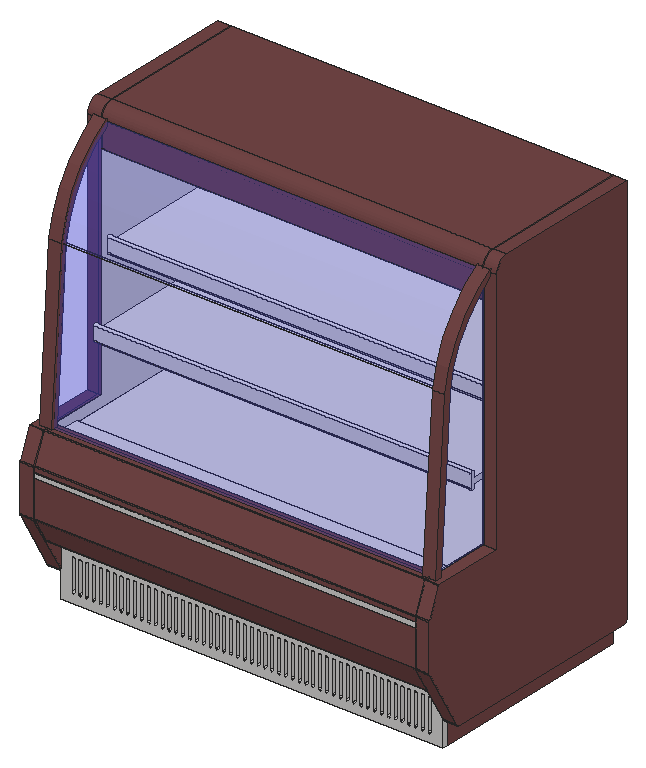
Revit family "QF_Turbo Air_TCDD-48-2-H", category Specialty Equipment, Revit 2014
Parameters
  Weight in Pounds = 467
  Watermarked By = ""
  Volts = 115 V
  Vent Material = QF_Stainless-Polished
  URL Cutsheet = ""
  URL = "www.turboairinc.com"
  Status [instance] = ""
  Specification by User [instance] = ""
  Specification by Manufacturer [instance] = ""
  Serial Number [instance] = ""
  Revision Code [instance] = ""
  Phase = 1
  Number of Poles [instance] = 1
  NAFEM Spec ID Number [instance] = ""
  Model = "TCDD-48-2-H"
  Masterspec [instance] = ""
  Manufacturer = "Turbo Air"  # constant formula
  Item Number [instance] = "-"
  Installed By [instance] = ""
  HP = "1/3"
  Furnished By [instance] = ""
  Foodservice Equipment Identifier = yes
  FL Amps = 6.1 A
  Exterior Material = QF_Plastic-Red Wine
  Electrical Remarks [instance] = ""
  Electric Connection Type [instance] = ""
  Elec Conn RI Height [instance] = 0' - 0"
  Elec Conn Connection Height = 0' - 6"
  Description = "Bakery/Deli Case"
  Cycle = 60 Hz
  Conn Plug = "NEMA 5-15P"
  CSI MasterFormat = "11 41 13"
  Assembly Code = "E1090320"
  Apparent Power = if(Phase = 3, Volts * FL Amps * 1.73, Volts * FL Amps)  # 701.5 VA
Reference planes (in)
  plane 1 "Handle Back": y = -4.25
  plane 2: z = 0
  plane 3 "LEFT": x = -16.56573
  plane 4 "RIGHT": x = 31.93427
  plane 5 "FRONT": y = -34.25
  plane 6 "Bottom": z = 0.3125
  plane 7 "Inside Left": x = -14.94073
  plane 8 "Inside Right": x = 30.30927
  plane 9 "BACK": y = -5
  plane 10 "Panel Lower": z = 19.375
  plane 11 "Inside Bottom": z = 17.25
  plane 12 "TOP": z = 50.125
  plane 13 "Door Left": x = -13.62823
  plane 14 "Door Right": x = 28.99677
  plane 15 "Lower Shelf": z = 26.8125
  plane 16 "Upper Shelf": z = 35.3125
  plane 17 "Door Top": z = 46.5625
  plane 18 "Door Bottom": z = 18.4375
  plane 19 "CENTER LR": x = 7.68427
  plane 20 "Panel Bottom": z = 3.125
  plane 21 "Bottom Front": y = -29.625
Forms (in)
  Extrusion 1, solid, material "QF_Plastic-Red Wine" <- "Exterior Material"
    sketch origin (-16.56573, 0, 0) x (0, 1, 0) y (0, 0, 1)
      loop
        line (-5, 3.5) -> (-5, 50.125) -> (-22.75, 50.125)
        arc (-22.75, 50.125) -> (-23.81066, 49.68566) -> (-24.25, 48.625) r 1.5
        line (-24.25, 48.625) -> (-24.25, 19.375) -> (-32.77179, 19.375)
        arc (-32.77179, 19.375) -> (-32.8059, 19.36487) -> (-32.82896, 19.33777) r 0.0625
        line (-32.82896, 19.33777) -> (-34.21799, 16.19501)
        arc (-34.21799, 16.19501) -> (-34.24191, 16.12089) -> (-34.25, 16.04342) r 0.375
        line (-34.25, 16.04342) -> (-34.25, 10.5867)
        arc (-34.25, 10.5867) -> (-34.23722, 10.48964) -> (-34.19976, 10.3992) r 0.375
        line (-34.19976, 10.3992) -> (-30.10825, 3.3125)
        arc (-30.10825, 3.3125) -> (-29.97099, 3.17524) -> (-29.78349, 3.125) r 0.375
        line (-29.78349, 3.125) -> (-5.375, 3.125)
        arc (-5.375, 3.125) -> (-5.10983, 3.23483) -> (-5, 3.5) r 0.375
    from 0 to 1.625
  Extrusion 2, solid, material "QF_Plastic-Red Wine" <- "Exterior Material"
    sketch origin (31.93427, 0, 0) x (0, 1, 0) y (0, 0, 1)
      loop
        line (-5, 3.5) -> (-5, 50.125) -> (-22.75, 50.125)
        arc (-22.75, 50.125) -> (-23.81066, 49.68566) -> (-24.25, 48.625) r 1.5
        line (-24.25, 48.625) -> (-24.25, 19.375) -> (-32.77179, 19.375)
        arc (-32.77179, 19.375) -> (-32.8059, 19.36487) -> (-32.82896, 19.33777) r 0.0625
        line (-32.82896, 19.33777) -> (-34.21799, 16.19501)
        arc (-34.21799, 16.19501) -> (-34.24191, 16.12089) -> (-34.25, 16.04342) r 0.375
        line (-34.25, 16.04342) -> (-34.25, 10.5867)
        arc (-34.25, 10.5867) -> (-34.23722, 10.48964) -> (-34.19976, 10.3992) r 0.375
        line (-34.19976, 10.3992) -> (-30.10825, 3.3125)
        arc (-30.10825, 3.3125) -> (-29.97099, 3.17524) -> (-29.78349, 3.125) r 0.375
        line (-29.78349, 3.125) -> (-5.375, 3.125)
        arc (-5.375, 3.125) -> (-5.10983, 3.23483) -> (-5, 3.5) r 0.375
    from 0 to -1.625
  Extrusion 3, solid, material "QF_Plastic-Red Wine" <- "Exterior Material"
    sketch origin (-14.94073, 0, 0) x (0, 1, 0) y (0, 0, 1)
      loop
        line (-31.625, 19.375) -> (-30.23314, 38.44929)
        arc (-30.23314, 38.44929) -> (-28.27705, 43.90036) -> (-24.25, 48.0625) r 13.75
        line (-24.25, 48.0625) -> (-24.25, 48.625)
        arc (-24.25, 48.625) -> (-24.24379, 48.76132) -> (-24.22522, 48.89651) r 1.5
        arc (-24.22522, 48.89651) -> (-28.73663, 44.45952) -> (-30.91735, 38.51948) r 14.4375
        line (-30.91735, 38.51948) -> (-32.31433, 19.375) -> (-31.625, 19.375)
    from -0.875 to 0.625
  Extrusion 4, solid, material "QF_Plastic-Red Wine" <- "Exterior Material"
    sketch origin (30.30927, 0, 0) x (0, 1, 0) y (0, 0, 1)
      loop
        arc (-30.23314, 38.44929) -> (-28.27705, 43.90036) -> (-24.25, 48.0625) r 13.75
        line (-24.25, 48.0625) -> (-24.25, 48.625)
        arc (-24.25, 48.625) -> (-24.24379, 48.76132) -> (-24.22522, 48.89651) r 1.5
        arc (-24.22522, 48.89651) -> (-28.73663, 44.45952) -> (-30.91735, 38.51948) r 14.4375
        line (-30.91735, 38.51948) -> (-32.31433, 19.375) -> (-31.625, 19.375) -> (-30.23314, 38.44929)
    from 0.875 to -0.625
  Extrusion 5, solid, material "QF_Glass-Cast-Clear"
    sketch origin (-14.94073, 0, 0) x (0, 1, 0) y (0, 0, 1)
      loop
        arc (-24.25, 48.0625) -> (-28.27705, 43.90036) -> (-30.23314, 38.44929) r 13.75
        line (-30.23314, 38.44929) -> (-31.625, 19.375) -> (-24.25, 19.375) -> (-24.25, 48.0625)
    from 0 to -0.25
  Extrusion 6, solid, material "QF_Glass-Cast-Clear"
    sketch origin (30.30927, 0, 0) x (0, 1, 0) y (0, 0, 1)
      loop
        arc (-24.25, 48.0625) -> (-28.27705, 43.90036) -> (-30.23314, 38.44929) r 13.75
        line (-30.23314, 38.44929) -> (-31.625, 19.375) -> (-24.25, 19.375) -> (-24.25, 48.0625)
    from 0 to 0.25
  Extrusion 7, solid, material "QF_Plastic-Red Wine" <- "Exterior Material"
    sketch origin (-14.94073, 0, 0) x (0, 1, 0) y (0, 0, 1)
      loop
        line (-5, 50.125) -> (-22.75, 50.125)
        arc (-22.75, 50.125) -> (-23.81066, 49.68566) -> (-24.25, 48.625) r 1.5
        line (-24.25, 48.625) -> (-24.25, 45.5)
        arc (-24.25, 45.5) -> (-24.1875, 45.4375) -> (-24.125, 45.5) r 0.0625
        line (-24.125, 45.5) -> (-24.125, 48.625)
        arc (-24.125, 48.625) -> (-24.06819, 49.01616) -> (-23.90244, 49.375) r 1.375
        line (-23.90244, 49.375) -> (-7.375, 49.375) -> (-7.375, 46.5625) -> (-5, 46.5625) -> (-5, 50.125)
      loop
        line (-5, 10.4375) -> (-5, 18.4375) -> (-7.375, 18.4375) -> (-7.375, 10.4375) -> (-5, 10.4375)
    from 0 to 45.25
  Extrusion 8, solid, material "QF_Plastic-Red Wine" <- "Exterior Material"
    sketch origin (0, 0, 0.3125) x (0, 1, 0) y (-1, 0, 0)
      loop
        line (-5, 14.94073) -> (-29.625, 14.94073) -> (-29.625, -30.30927) -> (-5, -30.30927) -> (-5, 14.94073)
      loop
        line (-29.375, 14.69073) -> (-29.375, -30.05927) -> (-5.25, -30.05927) -> (-5.25, 14.69073) -> (-29.375, 14.69073)
    from 0 to 14
  Extrusion 9, solid, material "QF_Plastic-Red Wine" <- "Exterior Material"
    sketch origin (0, 0, 0.3125) x (0, 1, 0) y (-1, 0, 0)
      loop
        line (-29.375, -30.05927) -> (-5.25, -30.05927) -> (-5.25, 14.69073) -> (-29.375, 14.69073) -> (-29.375, -30.05927)
    from 0 to 0.25
  Extrusion 10, solid, material "QF_Stainless-Polished" <- "Vent Material"
    sketch origin (0, -29.625, 0) x (1, 0, 0) y (0, 0, 1)
      loop
        line (-14.94073, 8.5625) -> (-14.94073, 0.3125) -> (30.30927, 0.3125) -> (30.30927, 8.5625) -> (-14.94073, 8.5625)
    from 0 to 0.5625
  Extrusion 11, void
    sketch origin (0, -29.625, 0) x (1, 0, 0) y (0, 0, 1)
      loop
        arc (7.49677, 1.5625) -> (7.68427, 1.375) -> (7.87177, 1.5625) r 0.1875
        line (7.87177, 1.5625) -> (7.87177, 5.125)
        arc (7.87177, 5.125) -> (7.68427, 5.3125) -> (7.49677, 5.125) r 0.1875
        line (7.49677, 5.125) -> (7.49677, 1.5625)
      loop
        arc (8.30927, 1.5625) -> (8.49677, 1.375) -> (8.68427, 1.5625) r 0.1875
        line (8.68427, 1.5625) -> (8.68427, 5.125)
        arc (8.68427, 5.125) -> (8.49677, 5.3125) -> (8.30927, 5.125) r 0.1875
        line (8.30927, 5.125) -> (8.30927, 1.5625)
      loop
        arc (9.12177, 1.5625) -> (9.30927, 1.375) -> (9.49677, 1.5625) r 0.1875
        line (9.49677, 1.5625) -> (9.49677, 5.125)
        arc (9.49677, 5.125) -> (9.30927, 5.3125) -> (9.12177, 5.125) r 0.1875
        line (9.12177, 5.125) -> (9.12177, 1.5625)
      loop
        arc (9.93427, 1.5625) -> (10.12177, 1.375) -> (10.30927, 1.5625) r 0.1875
        line (10.30927, 1.5625) -> (10.30927, 5.125)
        arc (10.30927, 5.125) -> (10.12177, 5.3125) -> (9.93427, 5.125) r 0.1875
        line (9.93427, 5.125) -> (9.93427, 1.5625)
      loop
        arc (10.74677, 1.5625) -> (10.93427, 1.375) -> (11.12177, 1.5625) r 0.1875
        line (11.12177, 1.5625) -> (11.12177, 5.125)
        arc (11.12177, 5.125) -> (10.93427, 5.3125) -> (10.74677, 5.125) r 0.1875
        line (10.74677, 5.125) -> (10.74677, 1.5625)
      loop
        arc (11.55927, 1.5625) -> (11.74677, 1.375) -> (11.93427, 1.5625) r 0.1875
        line (11.93427, 1.5625) -> (11.93427, 5.125)
        arc (11.93427, 5.125) -> (11.74677, 5.3125) -> (11.55927, 5.125) r 0.1875
        line (11.55927, 5.125) -> (11.55927, 1.5625)
      loop
        arc (12.37177, 1.5625) -> (12.55927, 1.375) -> (12.74677, 1.5625) r 0.1875
        line (12.74677, 1.5625) -> (12.74677, 5.125)
        arc (12.74677, 5.125) -> (12.55927, 5.3125) -> (12.37177, 5.125) r 0.1875
        line (12.37177, 5.125) -> (12.37177, 1.5625)
      loop
        arc (13.18427, 1.5625) -> (13.37177, 1.375) -> (13.55927, 1.5625) r 0.1875
        line (13.55927, 1.5625) -> (13.55927, 5.125)
        arc (13.55927, 5.125) -> (13.37177, 5.3125) -> (13.18427, 5.125) r 0.1875
        line (13.18427, 5.125) -> (13.18427, 1.5625)
      loop
        arc (13.99677, 1.5625) -> (14.18427, 1.375) -> (14.37177, 1.5625) r 0.1875
        line (14.37177, 1.5625) -> (14.37177, 5.125)
        arc (14.37177, 5.125) -> (14.18427, 5.3125) -> (13.99677, 5.125) r 0.1875
        line (13.99677, 5.125) -> (13.99677, 1.5625)
      loop
        arc (14.80927, 1.5625) -> (14.99677, 1.375) -> (15.18427, 1.5625) r 0.1875
        line (15.18427, 1.5625) -> (15.18427, 5.125)
        arc (15.18427, 5.125) -> (14.99677, 5.3125) -> (14.80927, 5.125) r 0.1875
        line (14.80927, 5.125) -> (14.80927, 1.5625)
      loop
        arc (15.62177, 1.5625) -> (15.80927, 1.375) -> (15.99677, 1.5625) r 0.1875
        line (15.99677, 1.5625) -> (15.99677, 5.125)
        arc (15.99677, 5.125) -> (15.80927, 5.3125) -> (15.62177, 5.125) r 0.1875
        line (15.62177, 5.125) -> (15.62177, 1.5625)
      loop
        arc (16.43427, 1.5625) -> (16.62177, 1.375) -> (16.80927, 1.5625) r 0.1875
        line (16.80927, 1.5625) -> (16.80927, 5.125)
        arc (16.80927, 5.125) -> (16.62177, 5.3125) -> (16.43427, 5.125) r 0.1875
        line (16.43427, 5.125) -> (16.43427, 1.5625)
      loop
        arc (17.24677, 1.5625) -> (17.43427, 1.375) -> (17.62177, 1.5625) r 0.1875
        line (17.62177, 1.5625) -> (17.62177, 5.125)
        arc (17.62177, 5.125) -> (17.43427, 5.3125) -> (17.24677, 5.125) r 0.1875
        line (17.24677, 5.125) -> (17.24677, 1.5625)
      loop
        arc (18.05927, 1.5625) -> (18.24677, 1.375) -> (18.43427, 1.5625) r 0.1875
        line (18.43427, 1.5625) -> (18.43427, 5.125)
        arc (18.43427, 5.125) -> (18.24677, 5.3125) -> (18.05927, 5.125) r 0.1875
        line (18.05927, 5.125) -> (18.05927, 1.5625)
      loop
        arc (18.87177, 1.5625) -> (19.05927, 1.375) -> (19.24677, 1.5625) r 0.1875
        line (19.24677, 1.5625) -> (19.24677, 5.125)
        arc (19.24677, 5.125) -> (19.05927, 5.3125) -> (18.87177, 5.125) r 0.1875
        line (18.87177, 5.125) -> (18.87177, 1.5625)
      loop
        arc (19.68427, 1.5625) -> (19.87177, 1.375) -> (20.05927, 1.5625) r 0.1875
        line (20.05927, 1.5625) -> (20.05927, 5.125)
        arc (20.05927, 5.125) -> (19.87177, 5.3125) -> (19.68427, 5.125) r 0.1875
        line (19.68427, 5.125) -> (19.68427, 1.5625)
      loop
        arc (20.49677, 1.5625) -> (20.68427, 1.375) -> (20.87177, 1.5625) r 0.1875
        line (20.87177, 1.5625) -> (20.87177, 5.125)
        arc (20.87177, 5.125) -> (20.68427, 5.3125) -> (20.49677, 5.125) r 0.1875
        line (20.49677, 5.125) -> (20.49677, 1.5625)
      loop
        arc (21.30927, 1.5625) -> (21.49677, 1.375) -> (21.68427, 1.5625) r 0.1875
        line (21.68427, 1.5625) -> (21.68427, 5.125)
        arc (21.68427, 5.125) -> (21.49677, 5.3125) -> (21.30927, 5.125) r 0.1875
        line (21.30927, 5.125) -> (21.30927, 1.5625)
      loop
        arc (22.12177, 1.5625) -> (22.30927, 1.375) -> (22.49677, 1.5625) r 0.1875
        line (22.49677, 1.5625) -> (22.49677, 5.125)
        arc (22.49677, 5.125) -> (22.30927, 5.3125) -> (22.12177, 5.125) r 0.1875
        line (22.12177, 5.125) -> (22.12177, 1.5625)
      loop
        arc (22.93427, 1.5625) -> (23.12177, 1.375) -> (23.30927, 1.5625) r 0.1875
        line (23.30927, 1.5625) -> (23.30927, 5.125)
        arc (23.30927, 5.125) -> (23.12177, 5.3125) -> (22.93427, 5.125) r 0.1875
        line (22.93427, 5.125) -> (22.93427, 1.5625)
      loop
        arc (23.74677, 1.5625) -> (23.93427, 1.375) -> (24.12177, 1.5625) r 0.1875
        line (24.12177, 1.5625) -> (24.12177, 5.125)
        arc (24.12177, 5.125) -> (23.93427, 5.3125) -> (23.74677, 5.125) r 0.1875
        line (23.74677, 5.125) -> (23.74677, 1.5625)
      loop
        arc (24.55927, 1.5625) -> (24.74677, 1.375) -> (24.93427, 1.5625) r 0.1875
        line (24.93427, 1.5625) -> (24.93427, 5.125)
        arc (24.93427, 5.125) -> (24.74677, 5.3125) -> (24.55927, 5.125) r 0.1875
        line (24.55927, 5.125) -> (24.55927, 1.5625)
      loop
        arc (25.37177, 1.5625) -> (25.55927, 1.375) -> (25.74677, 1.5625) r 0.1875
        line (25.74677, 1.5625) -> (25.74677, 5.125)
        arc (25.74677, 5.125) -> (25.55927, 5.3125) -> (25.37177, 5.125) r 0.1875
        line (25.37177, 5.125) -> (25.37177, 1.5625)
      loop
        arc (26.18427, 1.5625) -> (26.37177, 1.375) -> (26.55927, 1.5625) r 0.1875
        line (26.55927, 1.5625) -> (26.55927, 5.125)
        arc (26.55927, 5.125) -> (26.37177, 5.3125) -> (26.18427, 5.125) r 0.1875
        line (26.18427, 5.125) -> (26.18427, 1.5625)
      loop
        arc (26.99677, 1.5625) -> (27.18427, 1.375) -> (27.37177, 1.5625) r 0.1875
        line (27.37177, 1.5625) -> (27.37177, 5.125)
        arc (27.37177, 5.125) -> (27.18427, 5.3125) -> (26.99677, 5.125) r 0.1875
        line (26.99677, 5.125) -> (26.99677, 1.5625)
      loop
        arc (27.80927, 1.5625) -> (27.99677, 1.375) -> (28.18427, 1.5625) r 0.1875
        line (28.18427, 1.5625) -> (28.18427, 5.125)
        arc (28.18427, 5.125) -> (27.99677, 5.3125) -> (27.80927, 5.125) r 0.1875
        line (27.80927, 5.125) -> (27.80927, 1.5625)
      loop
        arc (28.62177, 1.5625) -> (28.80927, 1.375) -> (28.99677, 1.5625) r 0.1875
        line (28.99677, 1.5625) -> (28.99677, 5.125)
        arc (28.99677, 5.125) -> (28.80927, 5.3125) -> (28.62177, 5.125) r 0.1875
        line (28.62177, 5.125) -> (28.62177, 1.5625)
      loop
        line (7.05927, 1.5625) -> (7.05927, 5.125)
        arc (7.05927, 5.125) -> (6.87177, 5.3125) -> (6.68427, 5.125) r 0.1875
        line (6.68427, 5.125) -> (6.68427, 1.5625)
        arc (6.68427, 1.5625) -> (6.87177, 1.375) -> (7.05927, 1.5625) r 0.1875
      loop
        line (6.24677, 1.5625) -> (6.24677, 5.125)
        arc (6.24677, 5.125) -> (6.05927, 5.3125) -> (5.87177, 5.125) r 0.1875
        line (5.87177, 5.125) -> (5.87177, 1.5625)
        arc (5.87177, 1.5625) -> (6.05927, 1.375) -> (6.24677, 1.5625) r 0.1875
      loop
        line (5.43427, 1.5625) -> (5.43427, 5.125)
        arc (5.43427, 5.125) -> (5.24677, 5.3125) -> (5.05927, 5.125) r 0.1875
        line (5.05927, 5.125) -> (5.05927, 1.5625)
        arc (5.05927, 1.5625) -> (5.24677, 1.375) -> (5.43427, 1.5625) r 0.1875
      loop
        line (4.62177, 1.5625) -> (4.62177, 5.125)
        arc (4.62177, 5.125) -> (4.43427, 5.3125) -> (4.24677, 5.125) r 0.1875
        line (4.24677, 5.125) -> (4.24677, 1.5625)
        arc (4.24677, 1.5625) -> (4.43427, 1.375) -> (4.62177, 1.5625) r 0.1875
      loop
        line (3.80927, 1.5625) -> (3.80927, 5.125)
        arc (3.80927, 5.125) -> (3.62177, 5.3125) -> (3.43427, 5.125) r 0.1875
        line (3.43427, 5.125) -> (3.43427, 1.5625)
        arc (3.43427, 1.5625) -> (3.62177, 1.375) -> (3.80927, 1.5625) r 0.1875
      loop
        line (2.99677, 1.5625) -> (2.99677, 5.125)
        arc (2.99677, 5.125) -> (2.80927, 5.3125) -> (2.62177, 5.125) r 0.1875
        line (2.62177, 5.125) -> (2.62177, 1.5625)
        arc (2.62177, 1.5625) -> (2.80927, 1.375) -> (2.99677, 1.5625) r 0.1875
      loop
        line (2.18427, 1.5625) -> (2.18427, 5.125)
        arc (2.18427, 5.125) -> (1.99677, 5.3125) -> (1.80927, 5.125) r 0.1875
        line (1.80927, 5.125) -> (1.80927, 1.5625)
        arc (1.80927, 1.5625) -> (1.99677, 1.375) -> (2.18427, 1.5625) r 0.1875
      loop
        line (1.37177, 1.5625) -> (1.37177, 5.125)
        arc (1.37177, 5.125) -> (1.18427, 5.3125) -> (0.99677, 5.125) r 0.1875
        line (0.99677, 5.125) -> (0.99677, 1.5625)
        arc (0.99677, 1.5625) -> (1.18427, 1.375) -> (1.37177, 1.5625) r 0.1875
      loop
        line (0.55927, 1.5625) -> (0.55927, 5.125)
        arc (0.55927, 5.125) -> (0.37177, 5.3125) -> (0.18427, 5.125) r 0.1875
        line (0.18427, 5.125) -> (0.18427, 1.5625)
        arc (0.18427, 1.5625) -> (0.37177, 1.375) -> (0.55927, 1.5625) r 0.1875
      loop
        line (-0.25323, 1.5625) -> (-0.25323, 5.125)
        arc (-0.25323, 5.125) -> (-0.44073, 5.3125) -> (-0.62823, 5.125) r 0.1875
        line (-0.62823, 5.125) -> (-0.62823, 1.5625)
        arc (-0.62823, 1.5625) -> (-0.44073, 1.375) -> (-0.25323, 1.5625) r 0.1875
      loop
        line (-1.06573, 1.5625) -> (-1.06573, 5.125)
        arc (-1.06573, 5.125) -> (-1.25323, 5.3125) -> (-1.44073, 5.125) r 0.1875
        line (-1.44073, 5.125) -> (-1.44073, 1.5625)
        arc (-1.44073, 1.5625) -> (-1.25323, 1.375) -> (-1.06573, 1.5625) r 0.1875
      loop
        line (-1.87823, 1.5625) -> (-1.87823, 5.125)
        arc (-1.87823, 5.125) -> (-2.06573, 5.3125) -> (-2.25323, 5.125) r 0.1875
        line (-2.25323, 5.125) -> (-2.25323, 1.5625)
        arc (-2.25323, 1.5625) -> (-2.06573, 1.375) -> (-1.87823, 1.5625) r 0.1875
      loop
        line (-2.69073, 1.5625) -> (-2.69073, 5.125)
        arc (-2.69073, 5.125) -> (-2.87823, 5.3125) -> (-3.06573, 5.125) r 0.1875
        line (-3.06573, 5.125) -> (-3.06573, 1.5625)
        arc (-3.06573, 1.5625) -> (-2.87823, 1.375) -> (-2.69073, 1.5625) r 0.1875
      loop
        line (-3.50323, 1.5625) -> (-3.50323, 5.125)
        arc (-3.50323, 5.125) -> (-3.69073, 5.3125) -> (-3.87823, 5.125) r 0.1875
        line (-3.87823, 5.125) -> (-3.87823, 1.5625)
        arc (-3.87823, 1.5625) -> (-3.69073, 1.375) -> (-3.50323, 1.5625) r 0.1875
      loop
        line (-4.31573, 1.5625) -> (-4.31573, 5.125)
        arc (-4.31573, 5.125) -> (-4.50323, 5.3125) -> (-4.69073, 5.125) r 0.1875
        line (-4.69073, 5.125) -> (-4.69073, 1.5625)
        arc (-4.69073, 1.5625) -> (-4.50323, 1.375) -> (-4.31573, 1.5625) r 0.1875
      loop
        line (-5.12823, 1.5625) -> (-5.12823, 5.125)
        arc (-5.12823, 5.125) -> (-5.31573, 5.3125) -> (-5.50323, 5.125) r 0.1875
        line (-5.50323, 5.125) -> (-5.50323, 1.5625)
        arc (-5.50323, 1.5625) -> (-5.31573, 1.375) -> (-5.12823, 1.5625) r 0.1875
      loop
        line (-5.94073, 1.5625) -> (-5.94073, 5.125)
        arc (-5.94073, 5.125) -> (-6.12823, 5.3125) -> (-6.31573, 5.125) r 0.1875
        line (-6.31573, 5.125) -> (-6.31573, 1.5625)
        arc (-6.31573, 1.5625) -> (-6.12823, 1.375) -> (-5.94073, 1.5625) r 0.1875
      loop
        line (-6.75323, 1.5625) -> (-6.75323, 5.125)
        arc (-6.75323, 5.125) -> (-6.94073, 5.3125) -> (-7.12823, 5.125) r 0.1875
        line (-7.12823, 5.125) -> (-7.12823, 1.5625)
        arc (-7.12823, 1.5625) -> (-6.94073, 1.375) -> (-6.75323, 1.5625) r 0.1875
      loop
        line (-7.56573, 1.5625) -> (-7.56573, 5.125)
        arc (-7.56573, 5.125) -> (-7.75323, 5.3125) -> (-7.94073, 5.125) r 0.1875
        line (-7.94073, 5.125) -> (-7.94073, 1.5625)
        arc (-7.94073, 1.5625) -> (-7.75323, 1.375) -> (-7.56573, 1.5625) r 0.1875
      loop
        line (-8.37823, 1.5625) -> (-8.37823, 5.125)
        arc (-8.37823, 5.125) -> (-8.56573, 5.3125) -> (-8.75323, 5.125) r 0.1875
        line (-8.75323, 5.125) -> (-8.75323, 1.5625)
        arc (-8.75323, 1.5625) -> (-8.56573, 1.375) -> (-8.37823, 1.5625) r 0.1875
      loop
        line (-9.19073, 1.5625) -> (-9.19073, 5.125)
        arc (-9.19073, 5.125) -> (-9.37823, 5.3125) -> (-9.56573, 5.125) r 0.1875
        line (-9.56573, 5.125) -> (-9.56573, 1.5625)
        arc (-9.56573, 1.5625) -> (-9.37823, 1.375) -> (-9.19073, 1.5625) r 0.1875
      loop
        line (-10.00323, 1.5625) -> (-10.00323, 5.125)
        arc (-10.00323, 5.125) -> (-10.19073, 5.3125) -> (-10.37823, 5.125) r 0.1875
        line (-10.37823, 5.125) -> (-10.37823, 1.5625)
        arc (-10.37823, 1.5625) -> (-10.19073, 1.375) -> (-10.00323, 1.5625) r 0.1875
      loop
        line (-10.81573, 1.5625) -> (-10.81573, 5.125)
        arc (-10.81573, 5.125) -> (-11.00323, 5.3125) -> (-11.19073, 5.125) r 0.1875
        line (-11.19073, 5.125) -> (-11.19073, 1.5625)
        arc (-11.19073, 1.5625) -> (-11.00323, 1.375) -> (-10.81573, 1.5625) r 0.1875
      loop
        line (-11.62823, 1.5625) -> (-11.62823, 5.125)
        arc (-11.62823, 5.125) -> (-11.81573, 5.3125) -> (-12.00323, 5.125) r 0.1875
        line (-12.00323, 5.125) -> (-12.00323, 1.5625)
        arc (-12.00323, 1.5625) -> (-11.81573, 1.375) -> (-11.62823, 1.5625) r 0.1875
      loop
        line (-12.44073, 1.5625) -> (-12.44073, 5.125)
        arc (-12.44073, 5.125) -> (-12.62823, 5.3125) -> (-12.81573, 5.125) r 0.1875
        line (-12.81573, 5.125) -> (-12.81573, 1.5625)
        arc (-12.81573, 1.5625) -> (-12.62823, 1.375) -> (-12.44073, 1.5625) r 0.1875
      loop
        line (-13.25323, 1.5625) -> (-13.25323, 5.125)
        arc (-13.25323, 5.125) -> (-13.44073, 5.3125) -> (-13.62823, 5.125) r 0.1875
        line (-13.62823, 5.125) -> (-13.62823, 1.5625)
        arc (-13.62823, 1.5625) -> (-13.44073, 1.375) -> (-13.25323, 1.5625) r 0.1875
    from -0.25 to 0.5625
  Extrusion 12, solid, material "QF_Plastic-Red Wine" <- "Exterior Material"
    sketch origin (-14.94073, 0, 0) x (0, 1, 0) y (0, 0, 1)
      loop
        line (-5, 46.5625) -> (-7.375, 46.5625) -> (-7.375, 18.4375) -> (-5, 18.4375) -> (-5, 46.5625)
    from 0 to 1.3125
  Extrusion 13, solid, material "QF_Plastic-Red Wine" <- "Exterior Material"
    sketch origin (30.30927, 0, 0) x (0, 1, 0) y (0, 0, 1)
      loop
        line (-5, 46.5625) -> (-7.375, 46.5625) -> (-7.375, 18.4375) -> (-5, 18.4375) -> (-5, 46.5625)
    from 0 to -1.3125
  Extrusion 14, solid, material "QF_Glass-Cast-Clear"
    sketch origin (-14.94073, 0, 0) x (0, 1, 0) y (0, 0, 1)
      loop
        line (-31.75033, 19.375) -> (-30.35754, 38.46208)
        arc (-30.35754, 38.46208) -> (-28.36206, 44.00023) -> (-24.25, 48.2126) r 13.875
        line (-24.25, 48.2126) -> (-24.25, 48.625)
        arc (-24.25, 48.625) -> (-24.2499, 48.64236) -> (-24.2496, 48.65971) r 1.5
        arc (-24.2496, 48.65971) -> (-28.61692, 44.29886) -> (-30.73075, 38.50038) r 14.25
        line (-30.73075, 38.50038) -> (-32.12633, 19.375) -> (-31.75033, 19.375)
    from 0.625 to 44.625
  Extrusion 15, solid, material "QF_Plastic-Red Wine" <- "Exterior Material"
    sketch origin (-14.94073, 0, 0) x (0, 1, 0) y (0, 0, 1)
      loop
        line (-32.77708, 19.30053) -> (-34.17683, 16.13354)
        arc (-34.17683, 16.13354) -> (-34.1848, 16.10883) -> (-34.1875, 16.08301) r 0.125
        line (-34.1875, 16.08301) -> (-34.1875, 15.5469) -> (-33.8125, 15.5469) -> (-33.8125, 16.03022) -> (-32.49992, 19) -> (-31.20917, 19) -> (-31.20917, 19.375) -> (-32.66275, 19.375)
        arc (-32.66275, 19.375) -> (-32.73097, 19.35474) -> (-32.77708, 19.30053) r 0.125
      loop
        line (-33.8125, 14.8594) -> (-34.1875, 14.8594) -> (-34.1875, 10.51789)
        arc (-34.1875, 10.51789) -> (-34.18324, 10.48554) -> (-34.17075, 10.45539) r 0.125
        line (-34.17075, 10.45539) -> (-32.41108, 7.40756)
        arc (-32.41108, 7.40756) -> (-32.36533, 7.3618) -> (-32.30283, 7.34506) r 0.125
        line (-32.30283, 7.34506) -> (-32, 7.34506) -> (-32, 8.84506) -> (-30, 8.84506) -> (-30, 9.22006) -> (-33.02452, 9.22006) -> (-33.8125, 10.58488) -> (-33.8125, 14.8594)
    from 0 to 45.25
  Extrusion 16, solid, material "QF_Stainless-Polished"
    sketch origin (-14.94073, 0, 0) x (0, 1, 0) y (0, 0, 1)
      loop
        line (-34.1875, 15.4844) -> (-34.1875, 14.9219) -> (-33.8125, 14.9219) -> (-33.8125, 15.4844) -> (-34.1875, 15.4844)
    from 0 to 45.25
  Extrusion 17, solid, material "QF_Plastic-Opaque-White"
    sketch origin (-14.94073, 0, 0) x (0, 1, 0) y (0, 0, 1)
      loop
        line (-7.375, 17.25) -> (-28.125, 17.25) -> (-28.125, 18.375) -> (-31.20917, 18.375) -> (-31.20917, 19) -> (-32.49992, 19) -> (-33.8125, 16.03022) -> (-33.8125, 10.58488) -> (-33.02452, 9.22006) -> (-30, 9.22006) -> (-30, 14.3125) -> (-7.375, 14.3125) -> (-7.375, 17.25)
    from 0 to 45.25
  Extrusion 18, solid, material "QF_Plastic-Opaque-White"
    sketch origin (-14.94073, 0, 0) x (0, 1, 0) y (0, 0, 1)
      loop
        line (-7.375, 17.25) -> (-7.375, 49.375) -> (-10.125, 49.375) -> (-10.125, 17.25) -> (-7.375, 17.25)
    from 0 to 1.3125
  Extrusion 19, solid, material "QF_Plastic-Opaque-White"
    sketch origin (30.30927, 0, 0) x (0, 1, 0) y (0, 0, 1)
      loop
        line (-7.375, 17.25) -> (-7.375, 49.375) -> (-10.125, 49.375) -> (-10.125, 17.25) -> (-7.375, 17.25)
    from 0 to -1.3125
  Extrusion 20, solid, material "QF_Plastic-Opaque-White"
    sketch origin (-13.62823, 0, 0) x (0, 1, 0) y (0, 0, 1)
      loop
        line (-10.125, 49.375) -> (-10.125, 46.5625) -> (-7.375, 46.5625) -> (-7.375, 49.375) -> (-10.125, 49.375)
      loop
        line (-10.125, 17.25) -> (-7.375, 17.25) -> (-7.375, 18.4375) -> (-10.125, 18.4375) -> (-10.125, 17.25)
    from 0 to 42.625
  Extrusion 21, solid, material "QF_Plastic-Opaque-White"
    sketch origin (-14.94073, 0, 0) x (0, 1, 0) y (0, 0, 1)
      loop
        line (-10.125, 49.375) -> (-23.90244, 49.375)
        arc (-23.90244, 49.375) -> (-24.06819, 49.01616) -> (-24.125, 48.625) r 1.375
        line (-24.125, 48.625) -> (-24.125, 48.375) -> (-22.625, 48.375) -> (-22.625, 47.375) -> (-10.125, 47.375) -> (-10.125, 49.375)
    from 0 to 45.25
  Extrusion 22, solid, material "QF_Plastic-Opaque-White"
    sketch origin (-14.94073, 0, 0) x (0, 1, 0) y (0, 0, 1)
      loop
        line (-24.25, 45.5) -> (-24.25, 19.375) -> (-31.20917, 19.375) -> (-31.20917, 18.375) -> (-28.125, 18.375) -> (-28.125, 17.25) -> (-28.0625, 17.25) -> (-28.0625, 18.0625) -> (-11.75, 18.0625) -> (-11.75, 17.25) -> (-11.6875, 17.25) -> (-11.6875, 18.0625) -> (-10.1875, 18.0625) -> (-10.1875, 17.25) -> (-10.125, 17.25) -> (-10.125, 47.375) -> (-22.625, 47.375) -> (-22.625, 48.375) -> (-24.125, 48.375) -> (-24.125, 45.5)
        arc (-24.125, 45.5) -> (-24.1875, 45.4375) -> (-24.25, 45.5) r 0.0625
    from 0 to 0.0625
  Extrusion 23, solid, material "QF_Plastic-Opaque-White"
    sketch origin (30.30927, 0, 0) x (0, 1, 0) y (0, 0, 1)
      loop
        line (-24.25, 45.5) -> (-24.25, 19.375) -> (-31.20917, 19.375) -> (-31.20917, 18.375) -> (-28.125, 18.375) -> (-28.125, 17.25) -> (-28.0625, 17.25) -> (-28.0625, 18.0625) -> (-11.75, 18.0625) -> (-11.75, 17.25) -> (-11.6875, 17.25) -> (-11.6875, 18.0625) -> (-10.1875, 18.0625) -> (-10.1875, 17.25) -> (-10.125, 17.25) -> (-10.125, 47.375) -> (-22.625, 47.375) -> (-22.625, 48.375) -> (-24.125, 48.375) -> (-24.125, 45.5)
        arc (-24.125, 45.5) -> (-24.1875, 45.4375) -> (-24.25, 45.5) r 0.0625
    from 0 to -0.0625
  Extrusion 24, solid, material "QF_Plastic-Opaque-White"
    sketch origin (-14.94073, 0, 0) x (0, 1, 0) y (0, 0, 1)
      loop
        line (-10.1875, 17.25) -> (-10.1875, 18.0625) -> (-11.6875, 18.0625) -> (-11.6875, 17.25) -> (-10.1875, 17.25)
      loop
        line (-11.75, 18.0625) -> (-28.0625, 18.0625) -> (-28.0625, 17.25) -> (-11.75, 17.25) -> (-11.75, 18.0625)
    from 0 to 45.25
  Extrusion 25, solid, material "QF_Plastic-Opaque-White"
    sketch origin (-14.94073, 0, 0) x (0, 1, 0) y (0, 0, 1)
      loop
        line (-10.125, 26.8125) -> (-25.25, 26.8125) -> (-25.25, 27.375)
        arc (-25.25, 27.375) -> (-25.4375, 27.5625) -> (-25.625, 27.375) r 0.1875
        line (-25.625, 27.375) -> (-25.625, 25.8125)
        arc (-25.625, 25.8125) -> (-25.4375, 25.625) -> (-25.25, 25.8125) r 0.1875
        line (-25.25, 25.8125) -> (-25.25, 26.1875) -> (-10.125, 26.1875) -> (-10.125, 26.8125)
      loop
        line (-10.125, 35.3125) -> (-23.25, 35.3125) -> (-23.25, 35.875)
        arc (-23.25, 35.875) -> (-23.4375, 36.0625) -> (-23.625, 35.875) r 0.1875
        line (-23.625, 35.875) -> (-23.625, 34.3125)
        arc (-23.625, 34.3125) -> (-23.4375, 34.125) -> (-23.25, 34.3125) r 0.1875
        line (-23.25, 34.3125) -> (-23.25, 34.6875) -> (-10.125, 34.6875) -> (-10.125, 35.3125)
    from 0.25 to 45
  Extrusion 26, solid, material "QF_Plastic-Black-Fine Textured"
    sketch origin (0, -5, 0) x (1, 0, 0) y (0, 0, 1)
      loop
        line (-13.62823, 46.5625) -> (-13.62823, 18.4375) -> (8.18427, 18.4375) -> (8.18427, 46.5625) -> (-13.62823, 46.5625)
      loop
        line (7.18427, 45.5625) -> (-12.62823, 45.5625) -> (-12.62823, 19.4375) -> (7.18427, 19.4375) -> (7.18427, 45.5625)
    from 1.1875 to 2.375
  Extrusion 27, solid, material "QF_Glass-Cast-Clear"
    sketch origin (0, -5, 0) x (1, 0, 0) y (0, 0, 1)
      loop
        line (-12.62823, 45.5625) -> (-12.62823, 19.4375) -> (7.18427, 19.4375) -> (7.18427, 45.5625) -> (-12.62823, 45.5625)
    from 1.4375 to 2.125
  Extrusion 28, solid, material "QF_Plastic-Black-Fine Textured"
    sketch origin (0, -5, 0) x (1, 0, 0) y (0, 0, 1)
      loop
        line (7.18427, 46.5625) -> (7.18427, 18.4375) -> (28.99677, 18.4375) -> (28.99677, 46.5625) -> (7.18427, 46.5625)
      loop
        line (8.18427, 45.5625) -> (8.18427, 19.4375) -> (27.99677, 19.4375) -> (27.99677, 45.5625) -> (8.18427, 45.5625)
    from 0 to 1.1875
  Extrusion 29, solid, material "QF_Glass-Cast-Clear"
    sketch origin (0, -5, 0) x (1, 0, 0) y (0, 0, 1)
      loop
        line (8.18427, 45.5625) -> (8.18427, 19.4375) -> (27.99677, 19.4375) -> (27.99677, 45.5625) -> (8.18427, 45.5625)
    from 0.25 to 0.9375
  Extrusion 30, solid, material "QF_Plastic-Black-Fine Textured"
    sketch origin (28.99677, 0, 1.9375) x (0, 1, 0) y (0, 0, 1)
      loop
        line (-4.25, 25.1875) -> (-4.25, 35.9375) -> (-5, 36.4375) -> (-5, 24.6875) -> (-4.25, 25.1875)
    from -0.75 to -1
  Extrusion 31, solid, material "QF_Plastic-Black-Fine Textured"
    sketch origin (-13.62823, -1.1875, 1.9375) x (0, 1, 0) y (0, 0, 1)
      loop
        line (-4.25, 25.1875) -> (-4.25, 35.9375) -> (-5, 36.4375) -> (-5, 24.6875) -> (-4.25, 25.1875)
    from 0.75 to 1
  Extrusion 32, solid, material "QF_Plastic-Black-Fine Textured"
    sketch origin (0, 0, 0) x (1, 0, 0) y (0, 1, 0)
      loop
        circle (-14.00323, -6.875) r 0.5625
      loop
        circle (-14.00323, -28.0625) r 0.5625
      loop
        circle (29.37177, -6.875) r 0.5625
      loop
        circle (29.37177, -28.0625) r 0.5625
    from 0 to 0.3125
  Extrusion 33, solid, material "QF_Plastic-Red Wine" <- "Exterior Material"
    sketch origin (0, -5, 0) x (1, 0, 0) y (0, 0, 1)
      loop
        circle (7.68427, 6) r 0.25
    from 0 to -0.0625
Cuts and joins
  Extrusion 11 cuts Extrusion 8
  Extrusion 11 cuts Extrusion 10
Lines and regions (in)
  symbolic lines
    curve 1: line (-16.56573, -5, 0) -> (31.93427, -5, 0)
    curve 2: line (-16.56573, -34.25, 0) -> (-16.56573, -5, 0)
    curve 3: line (31.93427, -34.25, 0) -> (-16.56573, -34.25, 0)
    curve 4: line (31.93427, -5, 0) -> (31.93427, -34.25, 0)
    curve 5: line (-14.94073, -5, 0) -> (-14.94073, -24.22522, 0)
    curve 6: line (-15.81573, -24.22522, 0) -> (-14.31573, -24.22522, 0)
    curve 7: line (-15.81573, -24.22522, 0) -> (-15.81573, -32.31766, 0)
    curve 8: line (-14.31573, -32.31766, 0) -> (-14.31573, -24.22522, 0)
    curve 9: line (-15.81573, -24.30518, 0) -> (-16.56573, -24.30518, 0)
    curve 10: line (-15.81573, -32.31766, 0) -> (-14.31573, -32.31766, 0)
    curve 11: line (-14.94073, -32.31766, 0) -> (-14.94073, -34.25, 0)
    curve 12: line (29.68427, -24.22522, 0) -> (31.18427, -24.22522, 0)
    curve 13: line (29.68427, -24.22522, 0) -> (29.68427, -32.31766, 0)
    curve 14: line (31.18427, -32.31766, 0) -> (31.18427, -24.22522, 0)
    curve 15: line (29.68427, -32.31766, 0) -> (31.18427, -32.31766, 0)
    curve 16: line (30.30927, -32.31766, 0) -> (30.30927, -34.25, 0)
    curve 17: line (30.30927, -24.22522, 0) -> (30.30927, -5, 0)
    curve 18: line (27.99677, -5, 0) -> (27.99677, -4.25, 0)
    curve 19: line (27.99677, -4.25, 0) -> (28.24677, -4.25, 0)
    curve 20: line (28.24677, -4.25, 0) -> (28.24677, -5, 0)
    curve 21: line (31.18427, -24.30518, 0) -> (31.93427, -24.30518, 0)
    curve 22: line (29.68427, -24.30518, 0) -> (-14.31573, -24.30518, 0)
    curve 23: line (-14.31573, -30.73075, 0) -> (29.68427, -30.73075, 0)
    curve 24: line (29.68427, -32.06579, 0) -> (-14.31573, -32.06579, 0)
Dimensions and locks (in)
  locked: plane 3 "LEFT" to plane 4 "RIGHT" at 48.5
  locked: plane 5 "FRONT" to plane 1 "Handle Back" at 30
  locked: plane 6 "Bottom" to plane 2 at 0.3125
  locked: plane 3 "LEFT" to plane 7 "Inside Left" at 1.625
  locked: plane 8 "Inside Right" to plane 4 "RIGHT" at 1.625
  locked: plane 9 "BACK" to plane 1 "Handle Back" at 0.75
  plane 10 "Panel Lower" to level = 1' - 7 3/8"
  locked: plane 10 "Panel Lower" to plane 11 "Inside Bottom" at 2.125
  locked: plane 12 "TOP" to level at 50.125
  locked: plane 7 "Inside Left" to Extrusion 8 sketch curve at 0.25
  locked: Extrusion 8 sketch curve to plane 8 "Inside Right" at 0.25
  locked: Extrusion 8 sketch curve to plane 9 "BACK" at 0.25
  locked: plane 7 "Inside Left" to plane 13 "Door Left" at 1.3125
  locked: plane 14 "Door Right" to plane 8 "Inside Right" at 1.3125
  locked: plane 15 "Lower Shelf" to plane 11 "Inside Bottom" at 9.5625
  locked: plane 16 "Upper Shelf" to plane 15 "Lower Shelf" at 8.5
  locked: plane 8 "Inside Right" to Extrusion 25 at 0.25
  locked: plane 12 "TOP" to plane 17 "Door Top" at 3.5625
  equal spacing: plane 3 "LEFT", plane 19 "CENTER LR", plane 4 "RIGHT"
  locked: Extrusion 26 sketch curve to plane 13 "Door Left" at 1
  locked: plane 17 "Door Top" to Extrusion 26 sketch curve at 1
  Extrusion 26 sketch curve to plane 19 "CENTER LR" to Extrusion 26 sketch curve = 0' - 0 1/2" locked, 0' - 0 1/2" locked
  locked: Extrusion 26 sketch curve to plane 18 "Door Bottom" at 1
  Extrusion 28 sketch curve to plane 19 "CENTER LR" to Extrusion 28 sketch curve = 0' - 0 1/2" locked, 0' - 0 1/2" locked
  locked: plane 17 "Door Top" to Extrusion 28 sketch curve at 1
  locked: Extrusion 28 sketch curve to plane 18 "Door Bottom" at 1
  locked: Extrusion 28 sketch curve to plane 14 "Door Right" at 1
  locked: plane 7 "Inside Left" to Extrusion 32 sketch curve at 0.9375  (x2)
  locked: Extrusion 32 sketch curve to plane 9 "BACK" at 1.875  (x2)
  locked: Extrusion 32 sketch curve to plane 8 "Inside Right" at 0.9375  (x2)
  locked: Extrusion 33 sketch curve to level at 6
  equal spacing: plane 8 "Inside Right", Extrusion 33 sketch curve, plane 7 "Inside Left"
  locked: plane 10 "Panel Lower" to plane 18 "Door Bottom" at 0.9375
  locked: plane 20 "Panel Bottom" to level at 3.125
  locked: plane 5 "FRONT" to plane 21 "Bottom Front" at 4.625
  aligned and locked: level to plane 2
  aligned and locked: plane 7 "Inside Left" to Extrusion 1
  aligned and locked: Extrusion 2 to plane 8 "Inside Right"
  aligned and locked: plane 8 "Inside Right" to Extrusion 7
  aligned and locked: plane 7 "Inside Left" to Extrusion 8 sketch curve
  aligned and locked: Extrusion 8 sketch curve to plane 8 "Inside Right"
  aligned and locked: plane 9 "BACK" to Extrusion 8 sketch curve
  aligned and locked: plane 7 "Inside Left" to Extrusion 10 sketch curve
  aligned and locked: plane 6 "Bottom" to Extrusion 10 sketch curve
  aligned and locked: plane 13 "Door Left" to Extrusion 12
  aligned and locked: Extrusion 13 to plane 14 "Door Right"
  aligned and locked: plane 8 "Inside Right" to Extrusion 15
  aligned and locked: plane 8 "Inside Right" to Extrusion 16
  aligned and locked: plane 8 "Inside Right" to Extrusion 17
  aligned and locked: plane 13 "Door Left" to Extrusion 18
  aligned and locked: Extrusion 19 to plane 14 "Door Right"
  aligned and locked: plane 14 "Door Right" to Extrusion 20
  aligned and locked: plane 8 "Inside Right" to Extrusion 21
  aligned and locked: plane 8 "Inside Right" to Extrusion 24
  aligned and locked: plane 13 "Door Left" to Extrusion 26 sketch curve
  aligned and locked: Extrusion 26 sketch curve to plane 17 "Door Top"
  aligned and locked: plane 18 "Door Bottom" to Extrusion 26 sketch curve
  aligned and locked: Extrusion 27 sketch curve to Extrusion 26  (x4)
  aligned and locked: Extrusion 28 sketch curve to plane 14 "Door Right"
  aligned and locked: Extrusion 28 sketch curve to plane 17 "Door Top"
  aligned and locked: plane 18 "Door Bottom" to Extrusion 28 sketch curve
  aligned and locked: Extrusion 29 sketch curve to Extrusion 28  (x4)
  aligned and locked: plane 3 "LEFT" to curve 2
  aligned and locked: plane 9 "BACK" to curve 1
  aligned and locked: curve 4 to plane 4 "RIGHT"
  aligned and locked: curve 3 to plane 5 "FRONT"
  aligned and locked: curve 5 to Extrusion 7
  aligned and locked: curve 7 to Extrusion 3
  aligned and locked: curve 8 to Extrusion 3
  aligned and locked: curve 13 to Extrusion 4
  aligned and locked: curve 14 to Extrusion 4
  aligned and locked: plane 8 "Inside Right" to cut or joined group of Extrusion 10, Extrusion 11
Automatic sketch dimensions
  Extrusion 7 sketch curve to Extrusion 7 sketch curve = 0' - 0"  (x3)
  Extrusion 7 sketch curve to plane 12 "TOP" = 0' - 0"
  Extrusion 7 sketch curve to plane 17 "Door Top" = 0' - 0"
  Extrusion 7 sketch curve to plane 18 "Door Bottom" = 0' - 0"
  Extrusion 7 sketch curve to plane 9 "BACK" = 0' - 0"  (x2)
  Extrusion 7 sketch curve to Extrusion 7 sketch curve = 0' - 2 3/8"
  Extrusion 7 sketch curve to plane 12 "TOP" = 0' - 0 3/4"
  plane 9 "BACK" to Extrusion 7 sketch curve = 0' - 2 3/8"
  Extrusion 7 sketch curve to Extrusion 7 sketch curve = 0' - 1.15244"
  Extrusion 7 sketch curve to Extrusion 7 sketch curve = 0' - 0.22256"
  Extrusion 7 sketch curve to plane 11 "Inside Bottom" = 0' - 6 13/16"
  Extrusion 7 sketch curve to plane 17 "Door Top" = 0' - 1 1/16"
  plane 9 "BACK" to Extrusion 9 sketch curve = 0' - 0 1/4"
  Extrusion 9 sketch curve to plane 8 "Inside Right" = 0' - 0 1/4"
  plane 7 "Inside Left" to Extrusion 9 sketch curve = 0' - 0 1/4"
  Extrusion 12 sketch curve to plane 17 "Door Top" = 0' - 0"
  Extrusion 12 sketch curve to plane 18 "Door Bottom" = 0' - 0"
  Extrusion 12 sketch curve to plane 9 "BACK" = 0' - 0"
  plane 9 "BACK" to Extrusion 12 sketch curve = 0' - 2 3/8"
  Extrusion 13 sketch curve to plane 17 "Door Top" = 0' - 0"
  Extrusion 13 sketch curve to plane 18 "Door Bottom" = 0' - 0"
  Extrusion 13 sketch curve to plane 9 "BACK" = 0' - 0"
  plane 9 "BACK" to Extrusion 13 sketch curve = 0' - 2 3/8"
  Extrusion 18 sketch curve to plane 11 "Inside Bottom" = 0' - 0"
  plane 9 "BACK" to Extrusion 18 sketch curve = 0' - 5 1/8"
  Extrusion 18 sketch curve to plane 12 "TOP" = 0' - 0 3/4"
  plane 9 "BACK" to Extrusion 18 sketch curve = 0' - 2 3/8"
  Extrusion 19 sketch curve to plane 11 "Inside Bottom" = 0' - 0"
  plane 9 "BACK" to Extrusion 19 sketch curve = 0' - 5 1/8"
  Extrusion 19 sketch curve to plane 12 "TOP" = 0' - 0 3/4"
  plane 9 "BACK" to Extrusion 19 sketch curve = 0' - 2 3/8"
  Extrusion 20 sketch curve to plane 18 "Door Bottom" = 0' - 0"
  Extrusion 20 sketch curve to plane 17 "Door Top" = 0' - 0"
  Extrusion 20 sketch curve to plane 11 "Inside Bottom" = 0' - 0"
  Extrusion 20 sketch curve to plane 12 "TOP" = 0' - 0 3/4"
  plane 9 "BACK" to Extrusion 20 sketch curve = 0' - 5 1/8"  (x2)
  plane 9 "BACK" to Extrusion 20 sketch curve = 0' - 2 3/8"  (x2)
  Extrusion 21 sketch curve to plane 12 "TOP" = 0' - 1 3/4"
  Extrusion 21 sketch curve to Extrusion 21 sketch curve = 0' - 0.22256"
  Extrusion 21 sketch curve to Extrusion 21 sketch curve = 0' - 1.15244"
  Extrusion 21 sketch curve to Extrusion 21 sketch curve = 0' - 0 1/8"
  plane 17 "Door Top" to Extrusion 21 sketch curve = 0' - 0 13/16"
  plane 9 "BACK" to Extrusion 21 sketch curve = 0' - 5 1/8"
  Extrusion 21 sketch curve to Extrusion 21 sketch curve = 0' - 0 1/4"
  Extrusion 22 sketch curve to plane 10 "Panel Lower" = 0' - 0"
  Extrusion 22 sketch curve to plane 11 "Inside Bottom" = 0' - 0"  (x3)
  Extrusion 22 sketch curve to plane 18 "Door Bottom" = 0' - 0 1/16"
  Extrusion 22 sketch curve to Extrusion 22 sketch curve = 0' - 0 1/16"  (x3)
  Extrusion 22 sketch curve to Extrusion 22 sketch curve = 0' - 3 13/16"
  plane 17 "Door Top" to Extrusion 22 sketch curve = 0' - 0 13/16"
  Extrusion 22 sketch curve to Extrusion 22 sketch curve = 0' - 1 1/2"  (x2)
  Extrusion 22 sketch curve to plane 18 "Door Bottom" = 0' - 0 3/8"  (x2)
  plane 9 "BACK" to Extrusion 22 sketch curve = 0' - 6 3/4"
  plane 9 "BACK" to Extrusion 22 sketch curve = 0' - 5 1/8"
  Extrusion 22 sketch curve to plane 17 "Door Top" = 0' - 1 1/16"
  Extrusion 22 sketch curve to plane 12 "TOP" = 0' - 1 3/4"
  Extrusion 23 sketch curve to plane 10 "Panel Lower" = 0' - 0"
  Extrusion 23 sketch curve to plane 11 "Inside Bottom" = 0' - 0"  (x3)
  Extrusion 23 sketch curve to plane 18 "Door Bottom" = 0' - 0 1/16"
  Extrusion 23 sketch curve to Extrusion 23 sketch curve = 0' - 0 1/16"  (x3)
  Extrusion 23 sketch curve to Extrusion 23 sketch curve = 0' - 3 13/16"
  plane 17 "Door Top" to Extrusion 23 sketch curve = 0' - 0 13/16"
  Extrusion 23 sketch curve to Extrusion 23 sketch curve = 0' - 1 1/2"  (x2)
  Extrusion 23 sketch curve to plane 18 "Door Bottom" = 0' - 0 3/8"  (x2)
  plane 9 "BACK" to Extrusion 23 sketch curve = 0' - 6 3/4"
  plane 9 "BACK" to Extrusion 23 sketch curve = 0' - 5 1/8"
  Extrusion 23 sketch curve to plane 17 "Door Top" = 0' - 1 1/16"
  Extrusion 23 sketch curve to plane 12 "TOP" = 0' - 1 3/4"
  Extrusion 24 sketch curve to plane 11 "Inside Bottom" = 0' - 0"  (x2)
  Extrusion 24 sketch curve to plane 18 "Door Bottom" = 0' - 0 3/8"  (x2)
  plane 9 "BACK" to Extrusion 24 sketch curve = 0' - 6 3/4"
  Extrusion 24 sketch curve to Extrusion 24 sketch curve = 0' - 0 1/16"
  Extrusion 24 sketch curve to Extrusion 24 sketch curve = 0' - 1 1/2"
  Extrusion 25 sketch curve to plane 15 "Lower Shelf" = 0' - 0"
  Extrusion 25 sketch curve to plane 16 "Upper Shelf" = 0' - 0"
  Extrusion 25 sketch curve to plane 15 "Lower Shelf" = 0' - 1"
  Extrusion 25 sketch curve to Extrusion 25 sketch curve = 0' - 0 3/16"  (x4)
  Extrusion 25 sketch curve to plane 16 "Upper Shelf" = 0' - 1"
  plane 9 "BACK" to Extrusion 25 sketch curve = 0' - 5 1/8"  (x2)
  Extrusion 25 sketch curve to plane 15 "Lower Shelf" = 0' - 0 5/8"
  plane 15 "Lower Shelf" to Extrusion 25 sketch curve = 0' - 0 9/16"
  Extrusion 25 sketch curve to Extrusion 25 sketch curve = 0' - 0 5/8"
  plane 16 "Upper Shelf" to Extrusion 25 sketch curve = 0' - 0 9/16"
  Extrusion 30 sketch curve to plane 9 "BACK" = 0' - 0"
  Extrusion 30 sketch curve to plane 1 "Handle Back" = 0' - 0"
  Extrusion 30 sketch curve to plane 15 "Lower Shelf" = 0' - 0 3/16"
  Extrusion 30 sketch curve to Extrusion 30 sketch curve = 0' - 0 1/2"  (x2)
  plane 16 "Upper Shelf" to Extrusion 30 sketch curve = 0' - 2 9/16"
  plane 9 "BACK" to Extrusion 31 sketch curve = 0' - 1 3/16"
  plane 1 "Handle Back" to Extrusion 31 sketch curve = 0' - 1 3/16"
  Extrusion 31 sketch curve to plane 15 "Lower Shelf" = 0' - 0 3/16"
  Extrusion 31 sketch curve to Extrusion 31 sketch curve = 0' - 0 1/2"  (x2)
  plane 16 "Upper Shelf" to Extrusion 31 sketch curve = 0' - 2 9/16"
  Extrusion 3 sketch curve to Extrusion 3 sketch curve = 0' - 0"  (x2)
  Extrusion 3 sketch curve to plane 10 "Panel Lower" = 0' - 0"
  Extrusion 3 sketch curve to plane 12 "TOP" = 0' - 1 1/2"
  Extrusion 3 sketch curve to Extrusion 3 sketch curve = 0' - 1 1/2"
  plane 16 "Upper Shelf" to Extrusion 3 sketch curve = 0' - 1.32232"
  plane 9 "BACK" to Extrusion 3 sketch curve = 0' - 11.60339"
  plane 16 "Upper Shelf" to Extrusion 3 sketch curve = 0' - 3.13679"
  Extrusion 3 sketch curve to Extrusion 3 sketch curve = 0' - 0.07019"
  Extrusion 3 sketch curve to Extrusion 3 sketch curve = 0' - 0.68933"
  Extrusion 4 sketch curve to Extrusion 4 sketch curve = 0' - 0"  (x2)
  Extrusion 4 sketch curve to plane 10 "Panel Lower" = 0' - 0"
  Extrusion 4 sketch curve to plane 12 "TOP" = 0' - 1 1/2"
  Extrusion 4 sketch curve to Extrusion 4 sketch curve = 0' - 1 1/2"
  plane 16 "Upper Shelf" to Extrusion 4 sketch curve = 0' - 1.32232"
  plane 9 "BACK" to Extrusion 4 sketch curve = 0' - 11.60339"
  plane 16 "Upper Shelf" to Extrusion 4 sketch curve = 0' - 3.13679"
  Extrusion 4 sketch curve to Extrusion 4 sketch curve = 0' - 0.07019"
  Extrusion 4 sketch curve to Extrusion 4 sketch curve = 0' - 0.68933"
  Extrusion 14 sketch curve to Extrusion 14 sketch curve = 0' - 0"  (x2)
  plane 17 "Door Top" to Extrusion 14 sketch curve = 0' - 1.6501"
  Extrusion 14 sketch curve to Extrusion 14 sketch curve = 0' - 1 1/2"
  plane 16 "Upper Shelf" to Extrusion 14 sketch curve = 0' - 1.32232"
  plane 1 "Handle Back" to Extrusion 14 sketch curve = 1' - 0.35339"
  Extrusion 14 sketch curve to Extrusion 14 sketch curve = 0' - 0.0383"
  Extrusion 14 sketch curve to Extrusion 14 sketch curve = 0' - 0.4124"
  plane 10 "Panel Lower" to Extrusion 14 sketch curve = 0' - 0"
  Extrusion 14 sketch curve to Extrusion 14 sketch curve = 0' - 0.376"
  Extrusion 5 sketch curve to plane 10 "Panel Lower" = 0' - 0"
  plane 16 "Upper Shelf" to Extrusion 5 sketch curve = 0' - 1.32232"
  plane 16 "Upper Shelf" to Extrusion 5 sketch curve = 0' - 3.13679"
  plane 17 "Door Top" to Extrusion 5 sketch curve = 0' - 1 1/2"
  Extrusion 6 sketch curve to plane 10 "Panel Lower" = 0' - 0"
  plane 16 "Upper Shelf" to Extrusion 6 sketch curve = 0' - 1.32232"
  plane 16 "Upper Shelf" to Extrusion 6 sketch curve = 0' - 3.13679"
  plane 17 "Door Top" to Extrusion 6 sketch curve = 0' - 1 1/2"
  Extrusion 1 sketch curve to plane 5 "FRONT" = 0' - 0"
  Extrusion 1 sketch curve to plane 10 "Panel Lower" = 0' - 0"
  Extrusion 1 sketch curve to plane 20 "Panel Bottom" = 0' - 0"
  Extrusion 1 sketch curve to plane 12 "TOP" = 0' - 0"
  Extrusion 1 sketch curve to plane 9 "BACK" = 0' - 0"
  Extrusion 1 sketch curve to plane 5 "FRONT" = 0' - 0.03201"
  Extrusion 1 sketch curve to plane 5 "FRONT" = 0' - 0.05024"
  Extrusion 1 sketch curve to Extrusion 1 sketch curve = 0' - 0.32476"
  Extrusion 1 sketch curve to plane 10 "Panel Lower" = 0' - 0.03723"
  Extrusion 1 sketch curve to plane 5 "FRONT" = 0' - 1.42104"
  Extrusion 1 sketch curve to plane 10 "Panel Lower" = 0' - 0 1/16"
  Extrusion 1 sketch curve to plane 12 "TOP" = 0' - 1 1/2"
  plane 9 "BACK" to Extrusion 1 sketch curve = 0' - 0 3/8"
  plane 20 "Panel Bottom" to Extrusion 1 sketch curve = 0' - 0 3/16"
  Extrusion 1 sketch curve to plane 11 "Inside Bottom" = 0' - 1.20658"
  Extrusion 1 sketch curve to Extrusion 1 sketch curve = 0' - 0.1516"
  Extrusion 1 sketch curve to Extrusion 1 sketch curve = 0' - 5.64422"
  Extrusion 2 sketch curve to plane 5 "FRONT" = 0' - 0"
  Extrusion 2 sketch curve to plane 10 "Panel Lower" = 0' - 0"
  Extrusion 2 sketch curve to plane 20 "Panel Bottom" = 0' - 0"
  Extrusion 2 sketch curve to plane 12 "TOP" = 0' - 0"
  Extrusion 2 sketch curve to plane 9 "BACK" = 0' - 0"
  Extrusion 2 sketch curve to plane 5 "FRONT" = 0' - 0.03201"
  Extrusion 2 sketch curve to plane 5 "FRONT" = 0' - 0.05024"
  Extrusion 2 sketch curve to Extrusion 2 sketch curve = 0' - 0.34299"
  Extrusion 2 sketch curve to Extrusion 2 sketch curve = 0' - 0.32476"  (x2)
  Extrusion 2 sketch curve to plane 10 "Panel Lower" = 0' - 0.03723"
  Extrusion 2 sketch curve to plane 5 "FRONT" = 0' - 1.42104"
  Extrusion 2 sketch curve to Extrusion 2 sketch curve = 0' - 0.05717"
  Extrusion 2 sketch curve to plane 12 "TOP" = 0' - 1 1/2"
  plane 9 "BACK" to Extrusion 2 sketch curve = 0' - 0 3/8"
  plane 20 "Panel Bottom" to Extrusion 2 sketch curve = 0' - 0 3/16"
  Extrusion 2 sketch curve to plane 11 "Inside Bottom" = 0' - 6.8508"
  Extrusion 2 sketch curve to plane 11 "Inside Bottom" = 0' - 1.20658"
  Extrusion 15 sketch curve to plane 10 "Panel Lower" = 0' - 0"
  Extrusion 15 sketch curve to Extrusion 15 sketch curve = 0' - 2"
  Extrusion 15 sketch curve to Extrusion 15 sketch curve = 0' - 0.30283"
  Extrusion 15 sketch curve to Extrusion 15 sketch curve = 0' - 0.10825"
  Extrusion 15 sketch curve to plane 10 "Panel Lower" = 0' - 0 3/8"
  Extrusion 15 sketch curve to Extrusion 15 sketch curve = 0' - 1.29074"
  Extrusion 15 sketch curve to Extrusion 15 sketch curve = 0' - 0.16283"
  Extrusion 15 sketch curve to plane 10 "Panel Lower" = 0' - 0.07447"
  Extrusion 15 sketch curve to Extrusion 15 sketch curve = 0' - 0.11433"
  Extrusion 15 sketch curve to Extrusion 15 sketch curve = 0' - 1.02452"
  Extrusion 15 sketch curve to plane 5 "FRONT" = 0' - 0 7/16"  (x2)
  Extrusion 15 sketch curve to plane 5 "FRONT" = 0' - 0 3/16"
  Extrusion 15 sketch curve to plane 5 "FRONT" = 0' - 0.07925"
  Extrusion 15 sketch curve to plane 5 "FRONT" = 0' - 0.07317"
  Extrusion 15 sketch curve to plane 5 "FRONT" = 0' - 0 1/16"  (x2)
  Extrusion 15 sketch curve to plane 11 "Inside Bottom" = 0' - 1.11646"
  Extrusion 15 sketch curve to Extrusion 15 sketch curve = 0' - 0.05053"
  Extrusion 15 sketch curve to Extrusion 15 sketch curve = 0' - 0.05278"
  Extrusion 15 sketch curve to Extrusion 15 sketch curve = 0' - 0.48332"
  Extrusion 15 sketch curve to Extrusion 15 sketch curve = 0' - 0 11/16"
  Extrusion 15 sketch curve to Extrusion 15 sketch curve = 0' - 4.27452"
  Extrusion 15 sketch curve to Extrusion 15 sketch curve = 0' - 0.06699"
  Extrusion 15 sketch curve to Extrusion 15 sketch curve = 0' - 1.36482"
  Extrusion 15 sketch curve to Extrusion 15 sketch curve = 0' - 0 3/8"
  Extrusion 15 sketch curve to Extrusion 15 sketch curve = 0' - 1 3/8"
  Extrusion 15 sketch curve to Extrusion 15 sketch curve = 0' - 0 1/16"
  Extrusion 16 sketch curve to plane 5 "FRONT" = 0' - 0 1/16"
  Extrusion 16 sketch curve to Extrusion 16 sketch curve = 0' - 0 3/8"
  Extrusion 16 sketch curve to plane 11 "Inside Bottom" = 0' - 2.3281"
  Extrusion 16 sketch curve to Extrusion 16 sketch curve = 0' - 0 9/16"
  Extrusion 17 sketch curve to plane 11 "Inside Bottom" = 0' - 0"
  Extrusion 17 sketch curve to plane 10 "Panel Lower" = 0' - 0 3/8"
  Extrusion 17 sketch curve to Extrusion 17 sketch curve = 0' - 1.29074"
  Extrusion 17 sketch curve to plane 5 "FRONT" = 0' - 1.22548"
  Extrusion 17 sketch curve to plane 5 "FRONT" = 0' - 0 7/16"
  Extrusion 17 sketch curve to plane 18 "Door Bottom" = 0' - 0 1/16"
  plane 9 "BACK" to Extrusion 17 sketch curve = 0' - 2 3/8"
  Extrusion 17 sketch curve to plane 11 "Inside Bottom" = 0' - 1.21978"
  Extrusion 17 sketch curve to plane 11 "Inside Bottom" = 0' - 2 15/16"
  Extrusion 17 sketch curve to Extrusion 17 sketch curve = 0' - 3.72762"
  Extrusion 17 sketch curve to Extrusion 17 sketch curve = 0' - 1.36482"
  Extrusion 1 sketch curve to plane 5 "FRONT" = 0' - 4.14175"
  plane 20 "Panel Bottom" to Extrusion 1 sketch curve = 0' - 0 3/8"
  Extrusion 1 sketch curve to Extrusion 1 sketch curve = 0' - 8.52179"
  Extrusion 2 sketch curve to plane 5 "FRONT" = 0' - 4.14175"
  Extrusion 2 sketch curve to Extrusion 2 sketch curve = 0' - 8.52179"
  Extrusion 3 sketch curve to plane 5 "FRONT" = 0' - 11 1/2"
  Extrusion 3 sketch curve to plane 5 "FRONT" = 0' - 4.01686"
  Extrusion 3 sketch curve to Extrusion 3 sketch curve = 0' - 0.68421"
  Extrusion 3 sketch curve to plane 5 "FRONT" = 0' - 2 5/8"
  Extrusion 4 sketch curve to plane 5 "FRONT" = 0' - 11 1/2"
  Extrusion 4 sketch curve to plane 5 "FRONT" = 0' - 4.01686"
  Extrusion 4 sketch curve to Extrusion 4 sketch curve = 0' - 0.68421"
  Extrusion 4 sketch curve to plane 5 "FRONT" = 0' - 2 5/8"
  Extrusion 5 sketch curve to plane 5 "FRONT" = 0' - 2 5/8"
  Extrusion 5 sketch curve to plane 5 "FRONT" = 0' - 4.01686"
